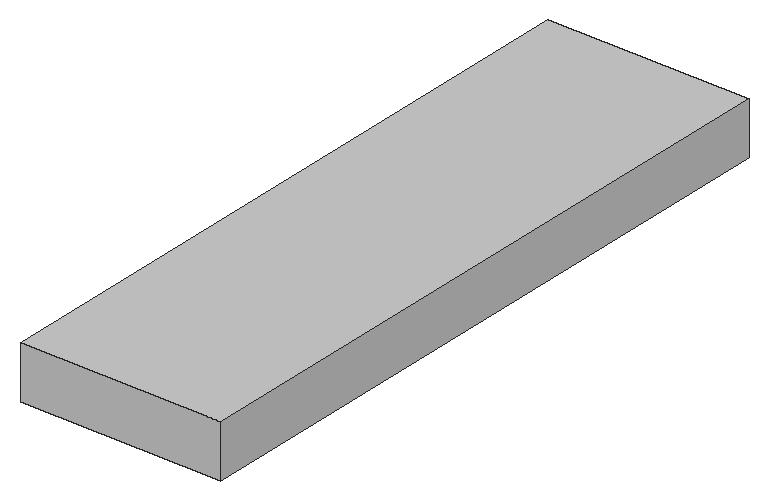
Revit family "道路基于中心线", category 结构框架, Revit 2020
Family settings
  显示在隐藏视图中 = 被其他构件隐藏的边缘
  结构框架长度舍入 = 1 mm
  横断面形状 = 未定义
  用于模型行为的材质 = 混凝土
  始终导出为几何图形 = 否
  总是垂直 = 是
  加载时剪切的空心 = 否
  符号表示法 = 从族
  共享 = 否
  在平面视图中显示族的预剪切 = 是
Parameters (values of type "道路-5000")
  Structural Material [instance] = 混凝土 - 现场浇注混凝土
  Assembly Code = ""
  Length [instance] = 1524 mm
  道路宽度 = 5000 mm
  道路厚度 = 400 mm
Reference planes
  plane 1 "中心(前/后)": y = 0
  plane 2: z = 0
  plane 3 "中心(左/右)": x = 4.61
  plane 4: y = 2500
  plane 5: y = -2500
  plane 6: z = 200
  plane 7 "底": z = -200
  plane 8 "左": x = -757.39
  plane 9 "右": x = 766.61
Forms (mm)
  Sweep 1, solid, material "混凝土 - 现场浇注混凝土" <- "Structural Material"
    path origin (0, 0, 0) x (1, 0, 0) y (0, 1, 0)
      loop
        line (766.61, 0) -> (-757.39, 0)
    profile "M_矩形梁 - 轮廓 : M_矩形梁 - 轮廓" origin (4.61, 0, 0) x (0, -1, 0) y (0, 0, 1)
      loop
        line (-2500, -200) -> (2500, -200) -> (2500, 200) -> (-2500, 200) -> (-2500, -200)
Dimensions and locks
  "道路宽度": plane 4 to plane 5
  equal spacing: plane 7 "底", plane 2, plane 6
  equal spacing: plane 4, plane 1 "中心(前/后)", plane 5
  "道路厚度": plane 7 "底" to plane 6
  "Length": plane 8 "左" to plane 9 "右"
  aligned and locked: Sweep 1 sketch curve to plane 1 "中心(前/后)"
  aligned and locked: plane 9 "右" to Sweep 1 sketch curve
  aligned and locked: plane 8 "左" to Sweep 1 sketch curve
